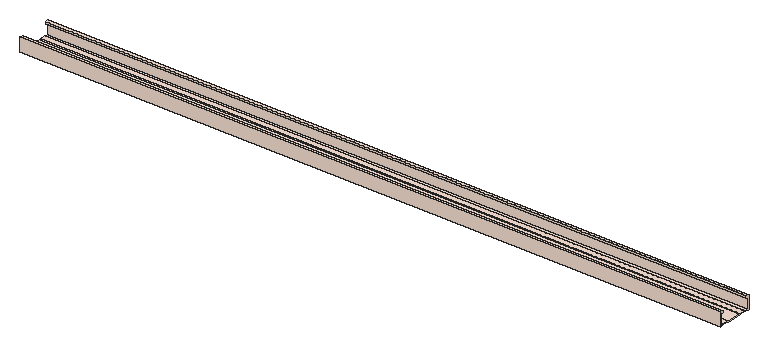
Revit family "nobuchi_cw19", category 機械設備, Revit 2022
Family settings
  丸型コネクタ寸法 = 直径を使用
  種別 = なし
  パーツ タイプ = 標準
  作業面ベース = いいえ
  常に垂直 = はい
  ロード時にボイドで切り取り = いいえ
  注釈の向きを維持 = いいえ
  共有 = いいえ
  部屋計算ポイント = いいえ
Parameters
  製造元 = "株式会社桐井製作所"
  既定の高さ = 0 mm
  URL = "https://www.kirii.co.jp/"
  K_長さ(mm) [instance] = 1000 mm
  K_材質 = "SGCC　一般用"
  K_断面積A(mm2) = 49
  K_断面係数Zy(mm3) = 768.8
  K_断面係数Zx(mm3) = 184.8
  K_断面2次半径iy(mm) = 19.8
  K_断面2次半径ix(mm) = 7
  K_断面2次モーメントIy(mm4) = 19220
  K_断面2次モーメントIx(mm4) = 2395
  K_外形寸法(mm) = "19×50×0.5"
  K_品名 = "CW-19"
  K_名称 = "野縁"
  K_単位質量(kg/m) = 0.403
  K_ヤング係数E(N/mm2) = 205000
  K_バージョン情報 = "20210524"
  K_めっき付着量 = "Z12"
  K_JIS規格 = "JIS G 3302"
  K_JIS外 [instance] = not(K_JIS)  # no
  K_JIS [instance] = yes
Reference planes
  plane 1 "中心(正面/背面)": y = 0
  plane 2: z = 0
  plane 3 "中心(左/右)": x = 0
  plane 4: x = 1000
  plane 5: y = 25
  plane 6: y = -25
  plane 7: z = 19
Forms (mm)
  Extrusion 1, solid
    sketch origin (0, 0, 0) x (0, -1, 0) y (0, 0, 1)
      loop
        line (-25, 0) -> (-20.2, 0) -> (-19.052, 0.5) -> (-11.148, 0.5) -> (-10, 0) -> (10, 0) -> (11.148, 0.5) -> (19.052, 0.5) -> (20.2, 0) -> (25, 0) -> (25, 19) -> (21, 19) -> (21, 16.246) -> (21.5, 15.532) -> (21.5, 18.5) -> (24.5, 18.5) -> (24.5, 0.5) -> (20.304, 0.5) -> (19.156, 1) -> (11.044, 1) -> (9.896, 0.5) -> (-9.896, 0.5) -> (-11.044, 1) -> (-19.156, 1) -> (-20.304, 0.5) -> (-24.5, 0.5) -> (-24.5, 18.5) -> (-21.5, 18.5) -> (-21.5, 15.532) -> (-21, 16.246) -> (-21, 19) -> (-25, 19) -> (-25, 0)
    from 0 to -1000
  Extrusion 2, void
    sketch origin (0, 0, 0) x (0, 1, 0) y (0, 0, 1)
      loop
        line (-21.893, 16.282) -> (-21.893, 14.539) -> (22.033, 14.539) -> (22.033, 16.282) -> (-21.893, 16.282)
    from 0 to 1000
Cuts and joins
  Extrusion 2 cuts Extrusion 1
Dimensions and locks
  "K_長さ(mm)": plane 3 "中心(左/右)" to plane 4
  aligned and locked: level to plane 2
  aligned and locked: plane 4 to Extrusion 1
  aligned and locked: Extrusion 1 to Extrusion 2
  aligned and locked: Extrusion 2 to plane 3 "中心(左/右)"
Automatic sketch dimensions
  plane 6 to Extrusion 2 sketch curve = 3.107 mm
  Extrusion 2 sketch curve to plane 5 = 2.967 mm
  Extrusion 2 sketch curve to Extrusion 2 sketch curve = 1.744 mm
  Extrusion 2 sketch curve to plane 7 = 4.461 mm
  Extrusion 1 sketch curve to level = 0 mm  (x3)
  Extrusion 1 sketch curve to plane 5 = 0 mm
  Extrusion 1 sketch curve to plane 6 = 0 mm
  Extrusion 1 sketch curve to plane 5 = 0.5 mm
  Extrusion 1 sketch curve to plane 5 = 3.5 mm
  Extrusion 1 sketch curve to Extrusion 1 sketch curve = 0.5 mm  (x2)
  level to Extrusion 1 sketch curve = 0.5 mm  (x5)
  Extrusion 1 sketch curve to Extrusion 1 sketch curve = 4.196 mm
  Extrusion 1 sketch curve to Extrusion 1 sketch curve = 0.104 mm  (x8)
  level to Extrusion 1 sketch curve = 1 mm  (x2)
  Extrusion 1 sketch curve to Extrusion 1 sketch curve = 1.148 mm  (x4)
  Extrusion 1 sketch curve to Extrusion 1 sketch curve = 7.903 mm
  plane 1 "中心(正面/背面)" to Extrusion 1 sketch curve = 9.896 mm
  plane 6 to Extrusion 1 sketch curve = 5.948 mm
  plane 6 to Extrusion 1 sketch curve = 4 mm
  plane 6 to Extrusion 1 sketch curve = 0.5 mm
  Extrusion 1 sketch curve to plane 7 = 3.468 mm  (x2)
  Extrusion 1 sketch curve to Extrusion 1 sketch curve = 0.714 mm  (x2)
  Extrusion 1 sketch curve to plane 7 = 0.5 mm  (x2)
  Extrusion 1 sketch curve to plane 7 = 0 mm  (x2)
